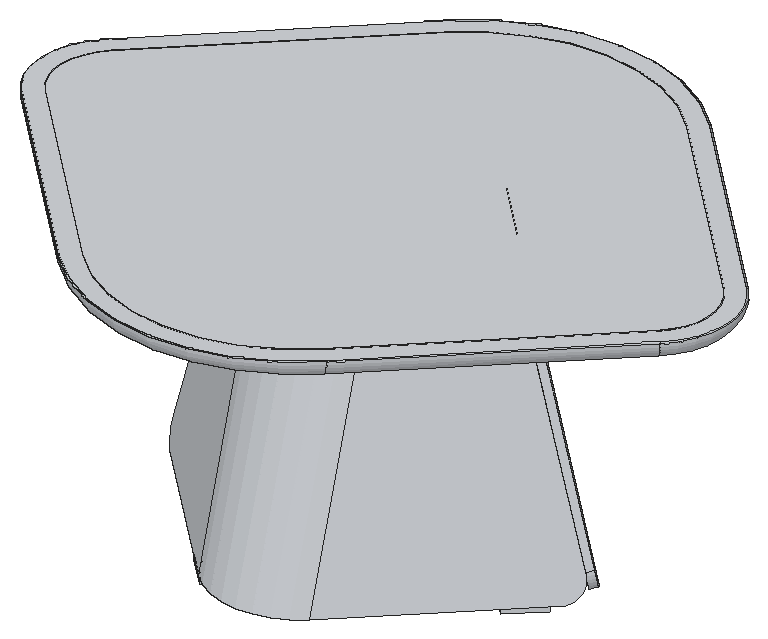
Revit family "Keilhauer-Fold-Table-Occasional_Square-", category Furniture, Revit 2020
Family settings
  OmniClass Number = 23.40.20.00
  OmniClass Title = General Furniture and Specialties
  Work Plane-Based = No
  Always vertical = Yes
  Cut with Voids When Loaded = No
  Shared = No
  Room Calculation Point = No
Parameters (values of type "94531")
  Width = 35 1/2"  # constant formula
  URL = "https://keilhauer.com/"
  Type Comments = "Fold"  # constant formula
  Salvage or Reuse = yes
  Product Documentation Link = "https://keilhauer.com/product-family/fold/"
  Percentage of Recycled Content = 0
  Model = "94531"
  Manufacturer = "Keilhauer"  # constant formula
  Low Emitting Material = yes
  Low Emitting Finish = yes
  Revit File Built By = "https://servex-us.com/servex-revit/"
  Top Finish [instance] = none
  Keynote = "12500"
  Height = 15 1/2"  # constant formula
  Glides Finish [instance] = none
  Edge Finish [instance] = none
  Description = "Square occasional table with ash base"
  Depth = 30 3/4"  # constant formula
  Default Elevation = 0"
  Copyright = "© 2023 Keilhauer"
  Base Finish [instance] = none
  Assembly Code = "E2020200"
Types (3): name | Model | Description
  (no name) | "94531" | "Square occasional table with ash base"
  94531 | "94531" | "Square occasional table with ash base"
  94532 | "94532" | "Square occasional table with walnut base"
Reference planes (in)
  plane 1 "Center Front/Back": y = 0
  plane 2: z = 0
  plane 3 "Center Left/Right": x = 0
  plane 4: z = 15.5
  plane 5: z = 14.7501
  plane 6: z = 0.25
  plane 7: x = -17.75
  plane 8: x = 17.75
  plane 9: y = 15.375
  plane 10: y = -15.375
Forms (in)
  Blend 1, solid, material <- "Base Finish"
    base sketch origin (0, 0, 0) x (1, 0, 0) y (0, 1, 0)
      loop
        line (-2.89472, 8.44327) -> (-11.33799, 0) -> (11.33799, 0) -> (2.89472, 8.44327)
        arc (2.89472, 8.44327) -> (0, 9.6423) -> (-2.89472, 8.44327) r 4.09375
    top sketch origin (0, 0, 0) x (1, 0, 0) y (0, 1, 0)
      loop
        line (-2.89472, 4.31327) -> (-7.20799, 0) -> (7.20799, 0) -> (2.89472, 4.31327)
        arc (2.89472, 4.31327) -> (0, 5.5123) -> (-2.89472, 4.31327) r 4.09375
    from 0.25 to 14.7501
  Blend 2, void
    base sketch origin (0, 0, 0) x (1, 0, 0) y (0, 1, 0)
      loop
        line (-2.60746, 8.1632) -> (-10.77065, 0) -> (-2.60746, -8.1632)
        arc (-2.60746, -8.1632) -> (0, -9.24324) -> (2.60746, -8.1632) r 3.6875
        line (2.60746, -8.1632) -> (10.77065, 0) -> (2.60746, 8.1632)
        arc (2.60746, 8.1632) -> (0, 9.24324) -> (-2.60746, 8.1632) r 3.6875
    top sketch origin (0, 0, 0) x (1, 0, 0) y (0, 1, 0)
      loop
        line (-6.64065, 0) -> (-2.60746, -4.0332)
        arc (-2.60746, -4.0332) -> (0, -5.11324) -> (2.60746, -4.0332) r 3.6875
        line (2.60746, -4.0332) -> (6.64065, 0) -> (2.60746, 4.0332)
        arc (2.60746, 4.0332) -> (0, 5.11324) -> (-2.60746, 4.0332) r 3.6875
        line (-2.60746, 4.0332) -> (-6.64065, 0)
    from 0.25 to 14.7501
  Extrusion 3, solid, material <- "Glides Finish"
    sketch origin (0, 0, 0) x (1, 0, 0) y (0, 1, 0)
      loop
        line (-8.39334, 2.92666) -> (-9.80664, 1.51336) -> (-9.54202, 1.24874) -> (-8.12872, 2.66204) -> (-8.39334, 2.92666)
      loop
        line (-4.11906, -7.20094) -> (-2.70575, -8.61424) -> (-2.44114, -8.34962) -> (-3.85444, -6.93632) -> (-4.11906, -7.20094)
      loop
        line (8.39527, -2.92472) -> (9.80857, -1.51142) -> (9.54395, -1.2468) -> (8.13065, -2.6601) -> (8.39527, -2.92472)
      loop
        line (4.11854, 7.20145) -> (2.70524, 8.61475) -> (2.44062, 8.35014) -> (3.85392, 6.93683) -> (4.11854, 7.20145)
    from 0 to 0.25
  Extrusion 4, void
    sketch origin (-17.56492, 6.19754, 0.14679) x (-0.707107, 0.707107, 0) y (0.13961, 0.13961, 0.980315)
      loop
        line (-12.45571, 16.26591) -> (-9.45434, 1.32298)
        arc (-9.45434, 1.32298) -> (-9.6905, 0.43846) -> (-10.53667, 0.08899) r 1.03293
        line (-10.53667, 0.08899) -> (-8.36813, 0.08899) -> (-11.61734, 16.26591) -> (-12.45571, 16.26591)
    from 0.63087 to -0.32706
  Blend 5, solid, material <- "Base Finish"
    base sketch origin (0, 0, 0) x (1, 0, 0) y (0, 1, 0)
      loop
        arc (-2.89472, -8.44327) -> (0, -9.6423) -> (2.89472, -8.44327) r 4.09375
        line (2.89472, -8.44327) -> (11.33799, 0) -> (-11.33799, 0) -> (-2.89472, -8.44327)
    top sketch origin (0, 0, 0) x (1, 0, 0) y (0, 1, 0)
      loop
        arc (-2.89472, -4.31327) -> (0, -5.5123) -> (2.89472, -4.31327) r 4.09375
        line (2.89472, -4.31327) -> (7.20799, 0) -> (-7.20799, 0) -> (-2.89472, -4.31327)
    from 0.25 to 14.7501
  Extrusion 6, void
    sketch origin (-17.56492, -6.19754, 0.14679) x (-0.707107, -0.707107, 0) y (-0.13961, 0.13961, -0.980315)
      loop
        line (-12.45571, -16.26591) -> (-11.61734, -16.26591) -> (-8.36813, -0.08899) -> (-10.53667, -0.08899)
        arc (-10.53667, -0.08899) -> (-9.6905, -0.43846) -> (-9.45434, -1.32298) r 1.03293
        line (-9.45434, -1.32298) -> (-12.45571, -16.26591)
    from 0.63087 to -0.32706
  Extrusion 7, void
    sketch origin (17.56492, 6.19754, 0.14679) x (0.707107, 0.707107, 0) y (0.13961, -0.13961, -0.980315)
      loop
        line (-12.45571, -16.26591) -> (-11.61734, -16.26591) -> (-8.36813, -0.08899) -> (-10.53667, -0.08899)
        arc (-10.53667, -0.08899) -> (-9.6905, -0.43846) -> (-9.45434, -1.32298) r 1.03293
        line (-9.45434, -1.32298) -> (-12.45571, -16.26591)
    from 0.63087 to -0.32706
  Extrusion 8, void
    sketch origin (17.56492, -6.19754, 0.14679) x (0.707107, -0.707107, 0) y (-0.13961, -0.13961, 0.980315)
      loop
        line (-12.45571, 16.26591) -> (-9.45434, 1.32298)
        arc (-9.45434, 1.32298) -> (-9.6905, 0.43846) -> (-10.53667, 0.08899) r 1.03293
        line (-10.53667, 0.08899) -> (-8.36813, 0.08899) -> (-11.61734, 16.26591) -> (-12.45571, 16.26591)
    from 0.63087 to -0.32706
Cuts and joins
  Blend 2, Extrusion 6, Extrusion 8 cuts Blend 1
  Blend 2, Extrusion 4, Extrusion 7 cuts Blend 5
Lines and regions (in)
  symbolic lines, style "FurnitureHiddenLines", detail levels fine
    curve 1: line (-10.63088, 0.70711, 0) -> (-2.89472, 8.44327, 0)
    curve 2: arc (-2.89472, 8.44327, 0) -> (0, 9.6423, 0) -> (2.89472, 8.44327, 0) r 4.09375
    curve 3: line (2.89472, 8.44327, 0) -> (10.63088, 0.70711, 0)
    curve 4: line (-2.89472, -8.44327, 0) -> (-10.63088, -0.70711, 0)
    curve 5: arc (2.89472, -8.44327, 0) -> (0, -9.6423, 0) -> (-2.89472, -8.44327, 0) r 4.09375
    curve 6: line (10.63088, -0.70711, 0) -> (2.89472, -8.44327, 0)
    curve 7: arc (-10.63088, 0.70711, 0) -> (-10.92378, 0, 0) -> (-10.63088, -0.70711, 0) r 1
    curve 8: arc (10.63088, -0.70711, 0) -> (10.92378, 0, 0) -> (10.63088, 0.70711, 0) r 1
Dimensions and locks (in)
  locked: plane 6 to plane 2 at 0.25
  locked: plane 4 to plane 5 at 0.7499
  "Height": plane 4 to plane 2
  equal spacing: plane 7, plane 3 "Center Left/Right", plane 8
  "Width": plane 7 to plane 8
  equal spacing: plane 10, plane 1 "Center Front/Back", plane 9
  "Depth": plane 10 to plane 9
  aligned and locked: level to plane 2
  aligned and locked: plane 3 "Center Left/Right" to nested 1
  aligned and locked: plane 1 "Center Front/Back" to nested 1
  aligned and locked: plane 4 to nested 1
  aligned and locked: Blend 1 to plane 6
  aligned and locked: Blend 2 to plane 6
  aligned and locked: plane 5 to Blend 1
  aligned and locked: plane 5 to Blend 2
  aligned and locked: plane 6 to Extrusion 3
  aligned and locked: Extrusion 3 to plane 2
Automatic sketch dimensions
  plane 1 "Center Front/Back" to Blend 1 sketch curve = 0"  (x2)
  Blend 1 sketch curve to plane 3 "Center Left/Right" = 0"  (x2)
  Blend 1 sketch curve to plane 3 "Center Left/Right" = 2.89472"  (x2)
  Blend 1 sketch curve to plane 7 = 6.41201"
  plane 3 "Center Left/Right" to Blend 1 sketch curve = 2.89472"  (x2)
  Blend 1 sketch curve to plane 8 = 6.41201"
  Blend 1 sketch curve to plane 1 "Center Front/Back" = 5.54855"
  Blend 1 sketch curve to Blend 1 sketch curve = 2.89472"  (x2)
  Blend 1 sketch curve to Blend 1 sketch curve = 4.31327"  (x2)
  Blend 1 sketch curve to plane 1 "Center Front/Back" = 1.41855"
  plane 1 "Center Front/Back" to Blend 2 sketch curve = 0"  (x4)
  Blend 2 sketch curve to plane 3 "Center Left/Right" = 0"  (x4)
  Blend 2 sketch curve to plane 3 "Center Left/Right" = 2.60746"  (x4)
  Blend 2 sketch curve to plane 7 = 6.97935"
  plane 3 "Center Left/Right" to Blend 2 sketch curve = 2.60746"  (x4)
  Blend 2 sketch curve to plane 8 = 6.97935"
  plane 1 "Center Front/Back" to Blend 2 sketch curve = 5.55574"
  Blend 2 sketch curve to Blend 2 sketch curve = 2.60746"  (x4)
  Blend 2 sketch curve to plane 1 "Center Front/Back" = 5.55574"
  Blend 2 sketch curve to Blend 2 sketch curve = 4.0332"  (x2)
  plane 1 "Center Front/Back" to Blend 2 sketch curve = 1.42574"
  Blend 2 sketch curve to plane 1 "Center Front/Back" = 1.42574"
  Extrusion 3 sketch curve to plane 1 "Center Front/Back" = 1.51336"
  Extrusion 3 sketch curve to plane 7 = 7.94336"
  Extrusion 3 sketch curve to plane 1 "Center Front/Back" = 1.24874"
  Extrusion 3 sketch curve to Extrusion 3 sketch curve = 0.26462"  (x6)
  Extrusion 3 sketch curve to plane 1 "Center Front/Back" = 2.92666"
  Extrusion 3 sketch curve to plane 3 "Center Left/Right" = 4.11906"
  Extrusion 3 sketch curve to Extrusion 3 sketch curve = 1.4133"  (x2)
  plane 3 "Center Left/Right" to Extrusion 3 sketch curve = 2.44062"
  plane 1 "Center Front/Back" to Extrusion 3 sketch curve = 2.6601"
  plane 3 "Center Left/Right" to Extrusion 3 sketch curve = 8.13065"
  plane 1 "Center Front/Back" to Extrusion 3 sketch curve = 2.92472"
  plane 1 "Center Front/Back" to Extrusion 3 sketch curve = 1.2468"
  plane 1 "Center Front/Back" to Extrusion 3 sketch curve = 6.93632"
  Extrusion 3 sketch curve to plane 1 "Center Front/Back" = 6.93683"
  Blend 5 to Extrusion 4 sketch curve = 1.36937"
  Blend 5 to Extrusion 4 sketch curve = 0.47048"
  Extrusion 4 sketch curve to Extrusion 4 sketch curve = 0.83837"
  Blend 5 to Extrusion 4 sketch curve = 0.01629"
  Extrusion 4 sketch curve to Extrusion 4 sketch curve = 1.08067"
  Extrusion 4 sketch curve to Extrusion 4 sketch curve = 0.06963"
  Extrusion 4 sketch curve to Blend 5 = 1.2177"
  Extrusion 4 sketch curve to Extrusion 4 sketch curve = 1.0127"
  Extrusion 4 sketch curve to Extrusion 4 sketch curve = 1.08622"
  plane 1 "Center Front/Back" to Blend 5 sketch curve = 0"  (x2)
  Blend 5 sketch curve to plane 3 "Center Left/Right" = 0"  (x2)
  plane 3 "Center Left/Right" to Blend 5 sketch curve = 2.89472"  (x2)
  plane 7 to Blend 5 sketch curve = 6.41201"
  Blend 5 sketch curve to plane 3 "Center Left/Right" = 2.89472"  (x2)
  plane 8 to Blend 5 sketch curve = 6.41201"
  Blend 5 sketch curve to plane 1 "Center Front/Back" = 5.54855"
  Blend 5 sketch curve to Blend 5 sketch curve = 2.89472"  (x2)
  Blend 5 sketch curve to Blend 5 sketch curve = 4.31327"  (x2)
  Blend 5 sketch curve to plane 1 "Center Front/Back" = 1.41855"
  Extrusion 6 sketch curve to Extrusion 6 sketch curve = 0.83837"
  Extrusion 6 sketch curve to Extrusion 6 sketch curve = 1.08067"
  Extrusion 6 sketch curve to Extrusion 6 sketch curve = 0.06963"
  Extrusion 6 sketch curve to Extrusion 6 sketch curve = 1.0127"
  Extrusion 6 sketch curve to Extrusion 6 sketch curve = 1.08622"
  Extrusion 6 sketch curve to Extrusion 6 sketch curve = 14.94293"
  Extrusion 6 sketch curve to Extrusion 6 sketch curve = 0.20341"
  Extrusion 7 sketch curve to Extrusion 7 sketch curve = 0.83837"
  Extrusion 7 sketch curve to Extrusion 7 sketch curve = 1.08067"
  Extrusion 7 sketch curve to Extrusion 7 sketch curve = 0.06963"
  Extrusion 7 sketch curve to Extrusion 7 sketch curve = 1.0127"
  Extrusion 7 sketch curve to Extrusion 7 sketch curve = 1.08622"
  Extrusion 7 sketch curve to Extrusion 7 sketch curve = 14.94293"
  Extrusion 7 sketch curve to Extrusion 7 sketch curve = 0.20341"
  Extrusion 8 sketch curve to Extrusion 8 sketch curve = 0.83837"
  Extrusion 8 sketch curve to Extrusion 8 sketch curve = 1.08067"
  Extrusion 8 sketch curve to Extrusion 8 sketch curve = 0.06963"
  Extrusion 8 sketch curve to Extrusion 8 sketch curve = 1.0127"
  Extrusion 8 sketch curve to Extrusion 8 sketch curve = 1.08622"
  Extrusion 8 sketch curve to Extrusion 8 sketch curve = 1.03058"
  Extrusion 8 sketch curve to Extrusion 8 sketch curve = 14.94293"
  plane 1 "Center Front/Back" to curve 7 = 0"
  curve 5 to plane 3 "Center Left/Right" = 0"
  curve 2 to plane 3 "Center Left/Right" = 0"
  plane 1 "Center Front/Back" to curve 8 = 0"
  curve 4 to plane 3 "Center Left/Right" = 2.89472"
  curve 1 to plane 3 "Center Left/Right" = 2.89472"
  curve 7 to plane 7 = 7.82622"
  curve 1 to plane 1 "Center Front/Back" = 0.70711"
  curve 1 to curve 7 = 0.70711"
  plane 1 "Center Front/Back" to curve 4 = 0.70711"
  plane 3 "Center Left/Right" to curve 6 = 2.89472"
  plane 3 "Center Left/Right" to curve 3 = 2.89472"
  curve 8 to plane 8 = 7.82622"
  curve 3 to plane 1 "Center Front/Back" = 0.70711"
  curve 8 to curve 3 = 0.70711"
  curve 8 to curve 6 = 0.70711"
  plane 1 "Center Front/Back" to curve 5 = 5.54855"
  curve 6 to curve 5 = 2.89472"
  curve 2 to plane 1 "Center Front/Back" = 5.54855"
  curve 2 to curve 1 = 2.89472"
Nested families (in)
  nested 1: "F-Top-36 Sq" at (0, 0, 15.5), type "F-Top-36 Sq"
Definition of nested family "F-Top-36 Sq"
  Parameters (values of type "F-Top-36")
    Top Finish = none
    Revit Model Built By = "https://servex-us.com/servex-revit/"
    Edge Finish = none
    Default Elevation = 0"
  Reference planes (in)
    plane 1 "Center (Front/Back)": y = 0
    plane 2: z = 0
    plane 3 "Center (Left/Right)": x = 0
  Forms (in)
    Sweep 1, solid, material <- "Edge Finish"
      path origin (0, 0, 0) x (1, 0, 0) y (0, 1, 0)
        loop
          arc (6.98268, 12.49159) -> (0, 15.38391) -> (-6.98268, 12.49159) r 9.875
          line (-6.98268, 12.49159) -> (-16.6127, 2.86157)
          arc (-16.6127, 2.86157) -> (-17.798, 0) -> (-16.6127, -2.86157) r 4.04688
          line (-16.6127, -2.86157) -> (-6.98268, -12.49159)
          arc (-6.98268, -12.49159) -> (0, -15.38391) -> (6.98268, -12.49159) r 9.875
          line (6.98268, -12.49159) -> (16.6127, -2.86157)
          arc (16.6127, -2.86157) -> (17.798, 0) -> (16.6127, 2.86157) r 4.04688
          line (16.6127, 2.86157) -> (6.98268, 12.49159)
      profile origin (0, 15.38391, 0) x (0, -1, 0) y (0, 0, 1)
        loop
          line (0.99746, 0) -> (0.04688, 0)
          arc (0.04688, 0) -> (0.01373, -0.01373) -> (0, -0.04688) r 0.04688
          arc (0, -0.04688) -> (0.2838, -0.72548) -> (0.96621, -1) r 0.95321
          line (0.96621, -1) -> (0.99746, -1) -> (0.99746, 0)
    Extrusion 2, solid, material <- "Top Finish"
      sketch origin (0, 0, 0) x (1, 0, 0) y (0, 1, 0)
        loop
          line (-6.27737, 11.78628) -> (-15.90739, 2.15626)
          arc (-15.90739, 2.15626) -> (-16.80054, 0) -> (-15.90739, -2.15626) r 3.04942
          line (-15.90739, -2.15626) -> (-6.27737, -11.78628)
          arc (-6.27737, -11.78628) -> (0, -14.38645) -> (6.27737, -11.78628) r 8.87754
          line (6.27737, -11.78628) -> (15.90739, -2.15626)
          arc (15.90739, -2.15626) -> (16.80054, 0) -> (15.90739, 2.15626) r 3.04942
          line (15.90739, 2.15626) -> (6.27737, 11.78628)
          arc (6.27737, 11.78628) -> (0, 14.38645) -> (-6.27737, 11.78628) r 8.87754
      from -1 to 0
  Lines and regions (in)
    symbolic lines
      curve 1: line (-6.99916, 12.47524, 0) -> (-16.59635, 2.87806, 0)
      curve 2: arc (-16.59635, 2.87806, 0) -> (-17.78848, 0, 0) -> (-16.59635, -2.87806, 0) r 4.07019
      curve 3: line (-16.59635, -2.87806, 0) -> (-6.99916, -12.47524, 0)
      curve 4: arc (-6.99916, -12.47524, 0) -> (0, -15.37439, 0) -> (6.99916, -12.47524, 0) r 9.89831
      curve 5: line (6.99916, -12.47524, 0) -> (16.59635, -2.87806, 0)
      curve 6: arc (16.59635, -2.87806, 0) -> (17.78848, 0, 0) -> (16.59635, 2.87806, 0) r 4.07019
      curve 7: line (16.59635, 2.87806, 0) -> (6.99916, 12.47524, 0)
      curve 8: arc (6.99916, 12.47524, 0) -> (0, 15.37439, 0) -> (-6.99916, 12.47524, 0) r 9.89831
      curve 9: arc (6.27737, 11.78628, 0) -> (0, 14.38645, 0) -> (-6.27737, 11.78628, 0) r 8.87754
      curve 10: line (-6.27737, 11.78628, 0) -> (-15.90739, 2.15626, 0)
      curve 11: arc (-15.90739, 2.15626, 0) -> (-16.80054, 0, 0) -> (-15.90739, -2.15626, 0) r 3.04942
      curve 12: line (-15.90739, -2.15626, 0) -> (-6.27737, -11.78628, 0)
      curve 13: arc (-6.27737, -11.78628, 0) -> (0, -14.38645, 0) -> (6.27737, -11.78628, 0) r 8.87754
      curve 14: line (6.27737, -11.78628, 0) -> (15.90739, -2.15626, 0)
      curve 15: arc (15.90739, -2.15626, 0) -> (16.80054, 0, 0) -> (15.90739, 2.15626, 0) r 3.04942
      curve 16: line (15.90739, 2.15626, 0) -> (6.27737, 11.78628, 0)
  Dimensions and locks (in)
    aligned and locked: plane 2 to level
    aligned and locked: Extrusion 2 to Sweep 1
    aligned and locked: plane 2 to Extrusion 2
    aligned and locked: Extrusion 2 sketch curve to Sweep 1  (x8)
    aligned and locked: curve 9 to Extrusion 2
    aligned and locked: curve 10 to Extrusion 2
    aligned and locked: curve 11 to Extrusion 2
    aligned and locked: curve 12 to Extrusion 2
    aligned and locked: curve 13 to Extrusion 2
    aligned and locked: curve 14 to Extrusion 2
    aligned and locked: curve 15 to Extrusion 2
    aligned and locked: curve 16 to Extrusion 2
